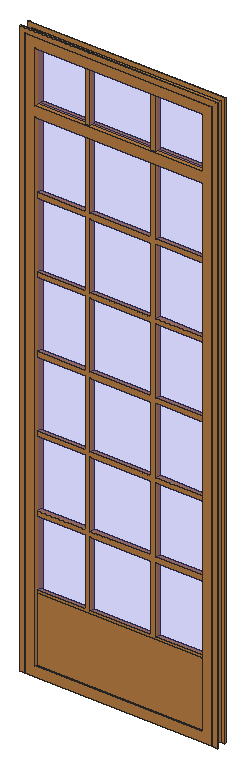
Revit family "DSP_A3-Durowin-800x2449-DASFI", category Doors, host Wall, Revit 2016
Family settings
  Host = Wall
  Always vertical = Yes
  Cut with Voids When Loaded = No
  Shared = No
  Room Calculation Point = No
Parameters (values of type "DASFI")
  URL = "http://www.Durowin.com"
  Thickness = 0 mm
  Rough Width = Width + (2 * Frame Width)  # 844 mm
  Rough Height = Height + Frame Width  # 2471 mm
  Panel Width = 800 mm
  Model Type = "Butt Hinge"
  Model = "French Door And Sidelights"
  Material Glass = Glass
  Material Door Panel = Default Steel Door Panel
  Material Door Frame = Default Steel Door Frame
  Manufacturer Code = "DASFI"
  Manufacturer = "Durowin"
  Height = 2449 mm
  Wall Closure = By host
  Width = 800 mm
  Function = Interior
  Frame Width = 22 mm
  Construction Type = "Steel"
  Assembly Code = "B2030120"
Reference planes
  plane 1 "Center Line": y = 0
  plane 2 "Center (Left/Right)": x = -102.667
  plane 3 "Left": x = -384
  plane 4 "Right": x = 460
  plane 5: z = 2471
  plane 6 "Exterior": y = 110
  plane 7 "Interior": y = -110
  plane 8: x = 550
  plane 9: x = -474
  plane 10: x = 408
  plane 11: x = 438
  plane 12: x = -362
  plane 13: z = 2449
  plane 14: z = 317.571
  plane 15 "Panel centre": y = -24.5
  plane 16 "panel interior": y = -35.5
  plane 17 "Panel Exterior": y = -13.5
  plane 18: x = -321
  plane 19: x = 397
  plane 20: z = 1535.531
  plane 21: z = 105
  plane 22: z = 1840.02
  plane 23: z = 1231.041
  plane 24: z = 926.551
  plane 25: z = 622.061
  plane 26: z = 2144.51
  plane 27: x = -362
  plane 28: x = 438
  plane 29: y = -910
  plane 30: z = 2185.51
  plane 31: x = 178.667
  plane 32: x = 38
Forms (mm)
  Sweep 1, solid, material "Default Steel Door Frame" <- "Material Door Frame", detail levels medium+fine
    path origin (0, 0, 0) x (1, 0, 0) y (0, 0, 1)
      loop
        line (460, 0) -> (460, 2471) -> (-384, 2471) -> (-384, 0)
    profile origin (0, 0, 1235.5) x (-1, 0, 0) y (0, -1, 0)
      loop
        line (-460, 0) -> (-428, 0) -> (-428, 3) -> (-438, 3) -> (-438, 45) -> (-460, 45) -> (-460, 41.986) -> (-440.969, 41.986) -> (-440.969, 3) -> (-460, 3) -> (-460, 0)
  Extrusion 2, solid, material "Default Steel Door Panel" <- "Material Door Panel", detail levels medium+fine
    sketch origin (0, 0, 0) x (1, 0, 0) y (0, 0, 1)
      loop
        line (-362, 0) -> (438, 0) -> (438, 2449) -> (-362, 2449) -> (-362, 0)
      loop
        line (-321, 41) -> (397, 41) -> (397, 2144.51) -> (-321, 2144.51) -> (-321, 41)
      loop
        line (-321, 2408) -> (-321, 2185.51) -> (397, 2185.51) -> (397, 2408) -> (-321, 2408)
    from 3 to 45
  Extrusion 3, solid, material "Glass" <- "Material Glass", detail levels medium+fine
    sketch origin (0, -24.5, 0) x (1, 0, 0) y (0, 0, 1)
      loop
        line (397, 317.571) -> (397, 2144.51) -> (-321, 2144.51) -> (-321, 317.571) -> (397, 317.571)
      loop
        line (397, 2408) -> (-321, 2408) -> (-321, 2185.51) -> (397, 2185.51) -> (397, 2408)
    from 5 to -5
  Extrusion 4, solid, material "Default Steel Door Panel" <- "Material Door Panel", detail levels medium+fine
    sketch origin (0, -24.5, 0) x (1, 0, 0) y (0, 0, 1)
      loop
        line (397, 41) -> (397, 317.571) -> (-321, 317.571) -> (-321, 41) -> (397, 41)
    from 11 to -11
  Sweep 5, solid, material "Default Steel Door Panel" <- "Material Door Panel", detail levels medium+fine
    path origin (2.111, -24.5, 21.11) x (1, 0, 0) y (0, 0, 1)
      loop
        line (397, 1818.911) -> (-323.111, 1818.911)
    profile origin (39.055, 0, 0) x (0, 0, -1) y (0, -1, 0)
      loop
        line (-1830.02, 14.5) -> (-1830.02, 34.5) -> (-1850.02, 34.5) -> (-1850.02, 14.5) -> (-1830.02, 14.5)
  Sweep 6, solid, material "Default Steel Door Panel" <- "Material Door Panel", detail levels medium+fine
    path origin (0, -24.5, -500.091) x (1, 0, 0) y (0, 0, 1)
      loop
        line (397, 2035.621) -> (-321, 2035.621)
    profile origin (38, 0, 0) x (0, 0, -1) y (0, -1, 0)
      loop
        line (-1525.531, 14.5) -> (-1525.531, 34.5) -> (-1545.531, 34.5) -> (-1545.531, 14.5) -> (-1525.531, 14.5)
  Sweep 7, solid, material "Default Steel Door Panel" <- "Material Door Panel", detail levels medium+fine
    path origin (0.036, -24.5, -1027.218) x (1, 0, 0) y (0, 0, 1)
      loop
        line (397, 1649.279) -> (-321.036, 1649.279)
    profile origin (38.018, 0, 0) x (0, 0, -1) y (0, -1, 0)
      loop
        line (-612.061, 14.5) -> (-612.061, 34.5) -> (-632.061, 34.5) -> (-632.061, 14.5) -> (-612.061, 14.5)
  Sweep 8, solid, material "Default Steel Door Panel" <- "Material Door Panel", detail levels medium+fine
    path origin (2.111, -24.5, -255.462) x (1, 0, 0) y (0, 0, 1)
      loop
        line (397, 1486.502) -> (-323.111, 1486.502)
    profile origin (39.055, 0, 0) x (0, 0, -1) y (0, -1, 0)
      loop
        line (-1221.041, 14.5) -> (-1221.041, 34.5) -> (-1241.041, 34.5) -> (-1241.041, 14.5) -> (-1221.041, 14.5)
  Sweep 9, solid, material "Default Steel Door Panel" <- "Material Door Panel", detail levels medium+fine
    path origin (2.111, -24.5, -808.605) x (1, 0, 0) y (0, 0, 1)
      loop
        line (397, 1735.156) -> (-323.111, 1735.156)
    profile origin (39.055, 0, 0) x (0, 0, -1) y (0, -1, 0)
      loop
        line (-916.551, 14.5) -> (-916.551, 34.5) -> (-936.551, 34.5) -> (-936.551, 14.5) -> (-916.551, 14.5)
  Sweep 10, solid, material "Default Steel Door Panel" <- "Material Door Panel", detail levels medium+fine
    path origin (-295.25, -24.5, 0) x (1, 0, 0) y (0, 0, 1)
      loop
        line (192.583, 2408) -> (192.583, 317.571)
    profile origin (0, 0, 1362.786) x (0, -1, 0) y (1, 0, 0)
      loop
        line (34.5, -112.667) -> (34.5, -92.667) -> (14.5, -92.667) -> (14.5, -112.667) -> (34.5, -112.667)
  Sweep 11, solid, material "Default Steel Door Panel" <- "Material Door Panel", detail levels medium+fine
    path origin (0.036, -24.5, -1329.956) x (1, 0, 0) y (0, 0, 1)
      loop
        line (397, 1647.527) -> (-321.036, 1647.527)
    profile origin (38.018, 0, 0) x (0, 0, -1) y (0, -1, 0)
      loop
        line (-307.571, 14.5) -> (-307.571, 34.5) -> (-327.571, 34.5) -> (-327.571, 14.5) -> (-307.571, 14.5)
  Sweep 12, solid, material "Default Steel Door Panel" <- "Material Door Panel", detail levels medium+fine
    path origin (-109.138, -24.5, 0) x (1, 0, 0) y (0, 0, 1)
      loop
        line (287.805, 2408) -> (287.805, 317.571)
    profile origin (0, 0, 1362.786) x (0, -1, 0) y (1, 0, 0)
      loop
        line (34.5, 168.667) -> (34.5, 188.667) -> (14.5, 188.667) -> (14.5, 168.667) -> (34.5, 168.667)
Cuts and joins
  joined: Extrusion 2, Sweep 5, Sweep 6, Sweep 7, Sweep 8, Sweep 9, Sweep 10, Sweep 11, Sweep 12
Lines and regions (mm)
  Opening 1
    outline origin (-3050, -110, 0) x (1, 0, 0) y (0, 0, 1)
      loop
        line (2666, 0) -> (3510, 0) -> (3510, 2471) -> (2666, 2471) -> (2666, 0)
  symbolic lines, style "DoorsPanelProjection"
    curve 1: line (-374.014, -110, 0) -> (-374.014, -910, 0)
    curve 2: arc (-374.014, -910, 0) -> (213.834, -638.542, 0) -> (437.555, -30.922, 0) r 845.998
  symbolic lines, style "DoorsPanelProjection", detail levels medium+fine
    curve 3: line (-321, -45, 0) -> (-321, -906.212, 0)
  symbolic lines, style "Overhead", detail levels medium+fine
    curve 4: line (-384, -110, 0) -> (460, -110, 0)
    curve 5: line (460, 110, 0) -> (-384, 110, 0)
  symbolic lines, style "Elevation Swing"
    curve 6: line (-321, 0, 41) -> (397, 0, 1092.755)
    curve 7: line (397, 0, 1092.755) -> (-321, 0, 2144.51)
Text (mm)
  text "Exterior" at (-2295.016, 1099.543, 0), in view "Ref. Level"
  text "Exterior" at (0, 1615.38, 3698.081), in view "Left"
  text "Exterior" at (0, 1036.032, 3874.932), in view "Right"
Dimensions and locks
  plane 3 "Left" to plane 2 "Center (Left/Right)" to plane 4 "Right" = 281.333 mm, 562.667 mm
  "Width": plane 12 to plane 11
  "Height": plane 13 to host wall
  host wall to plane 20 to plane 5 = 1535.531 mm, 935.469 mm
  locked: host wall to plane 6 "Exterior" at 0
  locked: plane 7 "Interior" to host wall
  locked: plane 4 "Right" to plane 8 at 90
  plane 9 to plane 3 "Left" = 90 mm
  locked: plane 10 to plane 4 "Right" at 52
  "Frame Width": plane 3 "Left" to plane 12
  "Frame Width": plane 11 to plane 4 "Right"
  "Frame Width": plane 13 to plane 5
  locked: plane 15 "Panel centre" to plane 1 "Center Line" at 24.5
  plane 19 to plane 4 "Right" = 63 mm
  plane 26 to plane 5 = 326.49 mm
  "Panel Width": plane 29 to plane 7 "Interior"
  Sweep 1 to plane 18 = 41 mm
  plane 3 "Left" to plane 18 = 63 mm
  plane 19 to plane 28 = 41 mm
  equal spacing: plane 3 "Left", plane 2 "Center (Left/Right)", plane 31, plane 4 "Right"
  equal spacing: plane 13, plane 26, plane 22, plane 20, plane 23, plane 24, plane 25, plane 14
  equal spacing: plane 18, plane 32, plane 19
  aligned and locked: plane 3 "Left" to Opening 1 sketch curve
  aligned and locked: plane 5 to Opening 1 sketch curve  (x2)
  aligned and locked: Opening 1 sketch curve to plane 4 "Right"
  aligned and locked: Opening 1 sketch curve to level
  aligned and locked: plane 1 "Center Line" to host wall
  aligned and locked: Extrusion 3 sketch curve to Extrusion 2  (x5)
  aligned and locked: plane 14 to Extrusion 3 sketch curve
  aligned and locked: Extrusion 4 sketch curve to Extrusion 2
  aligned and locked: Extrusion 2 to Sweep 8 sketch curve
  aligned and locked: Extrusion 2 to Sweep 9 sketch curve
  aligned and locked: Extrusion 2 to Sweep 7 sketch curve
  aligned and locked: Sweep 7 sketch curve to plane 25
  aligned and locked: Sweep 9 sketch curve to plane 24
  aligned and locked: Sweep 6 sketch curve to plane 20
  aligned and locked: Extrusion 2 to Sweep 6 sketch curve
  aligned and locked: Sweep 8 sketch curve to plane 23
  aligned and locked: Sweep 5 sketch curve to plane 22
  aligned and locked: Extrusion 2 to Sweep 5 sketch curve
  aligned and locked: Extrusion 2 sketch curve to plane 28
  aligned and locked: plane 12 to plane 27
  aligned and locked: plane 11 to plane 28
  aligned and locked: plane 7 "Interior" to curve 1
  aligned and locked: plane 29 to curve 1
  aligned and locked: Sweep 1 sketch curve to host wall
  aligned and locked: Sweep 1 sketch curve to plane 5
  aligned and locked: Extrusion 2 sketch curve to plane 12
  aligned and locked: plane 18 to Extrusion 2 sketch curve
  aligned and locked: Extrusion 2 sketch curve to plane 26
  aligned and locked: Sweep 10 sketch curve to plane 2 "Center (Left/Right)"
  aligned and locked: Extrusion 2 to Sweep 10 sketch curve
  aligned and locked: plane 31 to Sweep 12 sketch curve
  aligned and locked: Extrusion 2 to Sweep 12 sketch curve
  aligned and locked: cut or joined group of Extrusion 2, Sweep 5, Sweep 6, Sweep 7, Sweep 8, Sweep 9, Sweep 10, Sweep 11, Sweep 12 to Sweep 1 sketch curve  (x2)
  aligned and locked: Sweep 1 sketch curve to Sweep 1 sketch curve
Automatic sketch dimensions
  plane 14 to Extrusion 4 sketch curve = 0 mm
  Extrusion 4 sketch curve to plane 19 = 0 mm
  plane 21 to Extrusion 4 sketch curve = 64 mm
  profile plane to Sweep 5 sketch curve = 10 mm
  Sweep 5 sketch curve to plane 15 "Panel centre" = 10 mm
  Sweep 5 sketch curve to profile plane = 10 mm
  plane 15 "Panel centre" to Sweep 5 sketch curve = 10 mm
  Sweep 5 sketch curve to plane 19 = 2.111 mm
  Sweep 6 sketch curve to plane 19 = 0 mm
  profile plane to Sweep 6 sketch curve = 10 mm  (x2)
  Sweep 6 sketch curve to profile plane = 10 mm  (x2)
  Sweep 7 sketch curve to plane 19 = 0.036 mm
  profile plane to Sweep 7 sketch curve = 10 mm  (x2)
  Sweep 7 sketch curve to profile plane = 10 mm  (x2)
  Sweep 8 sketch curve to plane 19 = 2.111 mm
  profile plane to Sweep 8 sketch curve = 10 mm  (x2)
  Sweep 8 sketch curve to profile plane = 10 mm  (x2)
  Sweep 9 sketch curve to plane 19 = 2.111 mm
  profile plane to Sweep 9 sketch curve = 10 mm  (x2)
  Sweep 9 sketch curve to profile plane = 10 mm  (x2)
  Sweep 1 sketch curve to plane 4 "Right" = 0 mm
  Sweep 1 sketch curve to level = 0 mm  (x2)
  Sweep 10 sketch curve to plane 14 = 0 mm
  Sweep 10 sketch curve to profile plane = 10 mm  (x2)
  profile plane to Sweep 10 sketch curve = 10 mm  (x2)
  Sweep 11 sketch curve to plane 14 = 0 mm
  Sweep 11 sketch curve to plane 18 = 0 mm
  Sweep 11 sketch curve to plane 19 = 0.036 mm
  profile plane to Sweep 11 sketch curve = 10 mm  (x2)
  Sweep 11 sketch curve to profile plane = 10 mm  (x2)
  Sweep 12 sketch curve to plane 14 = 0 mm
  Sweep 12 sketch curve to profile plane = 10 mm  (x2)
  profile plane to Sweep 12 sketch curve = 10 mm  (x2)
  Extrusion 2 sketch curve to plane 18 = 0 mm
  Extrusion 2 sketch curve to plane 19 = 0 mm  (x2)
  Extrusion 2 sketch curve to level = 0 mm
  Extrusion 2 sketch curve to plane 30 = 0 mm
  Extrusion 2 sketch curve to plane 13 = 0 mm
  level to Extrusion 2 sketch curve = 41 mm
  plane 13 to Extrusion 2 sketch curve = 41 mm
  Extrusion 3 sketch curve to plane 18 = 0 mm
  Extrusion 3 sketch curve to plane 19 = 0 mm
  curve 4 to plane 3 "Left" = 0 mm
  curve 5 to host wall = 0 mm
  curve 5 to plane 3 "Left" = 0 mm
  curve 3 to plane 18 = 0 mm
  curve 5 to plane 4 "Right" = 0 mm
  curve 4 to plane 4 "Right" = 0 mm
  plane 3 "Left" to curve 2 = 23.769 mm
  curve 2 to plane 3 "Left" = 9.986 mm
  plane 11 to curve 2 = 0.445 mm
  curve 1 to curve 3 = 3.788 mm
  plane 16 "panel interior" to curve 3 = 9.5 mm
  curve 6 to plane 19 = 0 mm
  curve 7 to plane 18 = 0 mm
  curve 6 to plane 18 = 0 mm
  curve 7 to plane 26 = 0 mm
  plane 23 to curve 6 = 138.286 mm
  level to curve 6 = 41 mm
  Sweep 1 sketch curve to plane 1 "Center Line" = 0 mm
  Sweep 1 sketch curve to profile plane = 0 mm  (x2)
  Sweep 1 sketch curve to profile plane = 19.031 mm
  Sweep 1 sketch curve to Sweep 1 sketch curve = 2.969 mm
  Sweep 1 sketch curve to Sweep 1 sketch curve = 10 mm
  Sweep 1 sketch curve to Sweep 1 sketch curve = 3.014 mm
